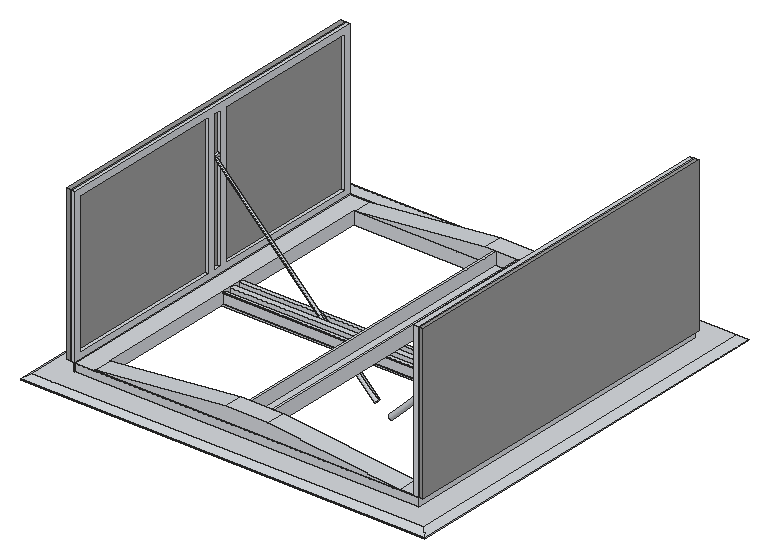
Revit family "NRWG PX2D 100X100 RODA PARAGON BARNEAGROUP (1)", category Windows, host Face, Revit 2017
Family settings
  Host = Face
  Cut with Voids When Loaded = No
  Shared = No
  Room Calculation Point = No
Parameters (values of type "HR5, roda’s PC16 ultra sturdy softlite")
  rotation angle = 45.00°
  cyl-tength [instance] = if(and(Open_angle = 30.00°, Open_angle < 31.00°), 180 mm, if(Open_angle = 45.00°, 245 mm, if(Open_angle = 60.00°, 280 mm, if(Open_angle = 90.00°, 480 mm, sin(Open_angle) * Width / 1.65)))) - 15 mm  # 465 mm
  cyl-length left [instance] = if(and(Open_angle = 30.00°, Open_angle < 31.00°), 180 mm, if(Open_angle = 45.00°, 245 mm, if(Open_angle = 60.00°, 310 mm, if(Open_angle = 90.00°, 490 mm, sin(Open_angle) * Width / 1.65))))  # 490 mm
  Width = 1000 mm
  Weight = "3,0 kg/m²"
  Warranty [instance] = "More than 10 years warranty"
  UV-protection = "UV protected on both sides"
  Type Image = image.JPG
  Translucency = "57%"
  Thickness = "16 mm"
  Thermal insulation = "1,86 W/m²K"
  System / Product = "Ventilation System"
  Supplier Location/ Regional Availability = "Israel"
  Supplier = "The Paragon Barnea Group"
  Style = "-"
  Structure = "16/5X"
  Solar factor = "56%"
  Shading coefficient = "65%"
  Reviews [instance] = 0
  Quantity calculation = 1
  Production width = "2100"
  Product name = "Phoenix"
  Product family = "Windows"
  Product certification = "The systems conform to DIN EN 12101-2 and VdS 2159 (depending on the specification). The EC \r\ndeclaration of conformity is delivered with the product. \r\nMaterialprufungsamt-NRW \r\nISO 9001 \r\nRauch- und Warmeabzugsanlagen- GRW RAL"
  Product Type = "Natural smoke and heat exhaust ventilator"
  Price = 0
  Panel width = Width / 2  # 500 mm
  Packaging [instance] = "Ideal for flat roofs \r\nNatural, energy-saving daylight illumination \r\nEasy installation by providing pre-constructed units \r\nUsable for day-to-day ventilation \r\nIndividual paint colour \r\nMinimal leakage \r\nRecyclable without any noxious parts"
  Openning system = "Pneumatic cylinders and engine"
  Opening System [instance] = Opening system : 24V 1.2A electric motor
  Open_angle [instance] = 90.00°
  Minimal bending radius = "2400 mm"
  Material = "Top frames are made of corrosion resistant aluminium.  \r\nThe unit top flaps can be either manufactured from 16 mm PC-panels or from aluminium sandwich panels"
  Manufacturer location = "Germany \r\nroda.de/en/phoenix-2"
  Length = 1000 mm
  Lenght (list) = ""
  LEED credit categories = ""
  Instruction video = "https://youtu.be/Z3RI_vmp12E"
  Installation = "Easy installation on all types of roof constructions up to an angle of 90°"
  Indoor/Outdoor = "Outdoor"
  Images = 0
  Flap glazing = HR5, roda’s PC16 ultra sturdy softlite
panel
  Fire classification = "B-s2,d0 (EN 13501-1)"
  Diffusion = "100%"
  Description (list) = "Twin-wall panel made from polycarbonate"
  Description = "Natural smoke and heat exhaust ventilation systems are an essential part of safety-systems for \r\npreventive fire precautions. Their task is to provide a smoke-free zone at ground level. \r\nThe PHOENIX system is available in a one and two winged version."
  Default Elevation = 1219.2 mm
  Flange type = 100 mm
  Certificate = "hailstorm protection classification HR5 according\r\nto testing report nº H217VKF of aug 25, 2014"
  Brand = "RODA"
  BIM Designer = "www.bauhub.io"
  Available Size = "Flexible sizes - up to 6.25m2"
  Analytic Construction = "<None>"
Types (3, lengths in mm): name | cyl-tength | cyl-length left | Weight | Warranty | UV-protection | Translucency | Thickness | Thermal insulation | Structure | Solar factor | Shading coefficient | Production width | Open_angle | Minimal bending radius | Lenght (list) | Flap glazing | Diffusion | Description (list) | Certificate | BIM Designer
  HR5, roda’s PC16 ultra sturdy softlite | 465 | 490 | "3,0 kg/m²" | "More than 10 years warranty" | "UV protected on both sides" | "57%" | "16 mm" | "1,86 W/m²K" | "16/5X" | "56%" | "65%" | "2100" | 90.00° | "2400 mm" | "" | HR5, roda’s PC16 ultra sturdy softlite
panel | "100%" | "Twin-wall panel made from polycarbonate" | "hailstorm protection classification HR5 according\r\nto testing report nº H217VKF of aug 25, 2014" | "www.bauhub.io"
  POLYGAL TITAN | 265 | 310 | "2,5 kg/m²" | "10 years Warranty for color and strength" | "U-Factor 2.1" | "Black- High withe- 0%" | "16 mm" | "" | "Unique inner X- brace structure provides extra strength and insulation" | "" | "" | "2100" | 60.00° | "2800 mm" | "6,12" | POLYGAL TITAN | "" | "Titan Sky 16 mm sheets, black colored with high white external layer" | "Contact the supplier" | ""
  Aluminum | 265 | 310 | "" | "More than 10 years warranty" | "UV protected" | "0%" | "80mm" | "0,04 W/m²K" | "" | "" | "" | "As required" | 60.00° | "As required" | "" | Aluminum | "0%" | "Twin wall 18 mm and Rockwool 0.04" | "Contact the supplier" | ""
Reference planes
  plane 1 "Center (Front/Back)": y = 0
  plane 2: z = 0
  plane 3 "Center (Left/Right)": x = 0
  plane 4: x = -500
  plane 5: x = 500
  plane 6: y = 500
  plane 7: y = -500
  plane 8 "left angle plane": x = -563
  plane 9: z = 40
  plane 10 "right angle plane": x = 563
  plane 11 "left cylinder": y = 20
  plane 12 "right cylinder": y = -20
  plane 13: x = 563
  plane 14: x = -563
Forms (mm)
  Extrusion 1, void
    sketch origin (0, 0, 0) x (1, 0, 0) y (0, 1, 0)
      loop
        line (-500, 500) -> (-500, -500) -> (500, -500) -> (500, 500) -> (-500, 500)
    from -304.8 to 0
  Sweep 2, solid
    path in 3D
      loop
        line (-500, 500, 0) -> (500, 500, 0) -> (500, -500, 0) -> (-500, -500, 0) -> (-500, 500, 0)
    profile origin (-500, 0, 0) x (-1, 0, 0) y (0, 0, 1)
      loop
        line (0, 0) -> (63, 0) -> (63, 40) -> (0, 40) -> (0, 0)
  Extrusion 3, solid
    sketch origin (500, -500, 0) x (-1, 0, 0) y (0, 0, 1)
      loop
        line (1000, 40) -> (570, 85.195) -> (430, 85.195) -> (0, 40) -> (1000, 40)
    from 0 to -63
  Extrusion 4, solid
    sketch origin (500, 500, 0) x (-1, 0, 0) y (0, 0, -1)
      loop
        line (1000, -40) -> (0, -40) -> (430, -85.195) -> (570, -85.195) -> (1000, -40)
    from 0 to -63
  Extrusion 5, solid
    sketch origin (0, 0, 0) x (1, 0, 0) y (0, 0, 1)
      loop
        line (40, 85.195) -> (35, 85.195) -> (35, 45) -> (-35, 45) -> (-35, 85.195) -> (-40, 85.195) -> (-40, 40) -> (40, 40) -> (40, 85.195)
    from 500 to -500
  Extrusion 6, solid
    sketch origin (0, 0, 0) x (0, 1, 0) y (0, 0, 1)
      loop
        line (-40, 40) -> (-40, 36) -> (-35, 36) -> (-35, 4) -> (-40, 4) -> (-40, 0) -> (-29.904, 0) -> (-29.904, 40) -> (-40, 40)
      loop
        line (-9.904, 40) -> (-9.904, 0) -> (9.904, 0) -> (9.904, 40) -> (-9.904, 40)
      loop
        line (40, 40) -> (29.904, 40) -> (29.904, 0) -> (40, 0) -> (40, 4) -> (35, 4) -> (35, 36) -> (40, 36) -> (40, 40)
    from 500 to -500
  Sweep 7, solid
    path in 3D
      loop
        line (563, -563, 0) -> (-563, -563, 0) -> (-563, 563, 0) -> (563, 563, 0) -> (563, -563, 0)
    profile origin (563, 0, 0) x (-1, 0, 0) y (0, 0, -1)
      loop
        line (-2, -14.339) -> (-2, -40) -> (0, -40) -> (0, -12.339) -> (-78.602, -12.339) -> (-100, 2.644) -> (-100, 0.202) -> (-79.232, -14.339) -> (-2, -14.339)
  Extrusion 8, solid
    sketch origin (563, -4572, -15.546) x (0, 0, -1) y (0, -1, 0)
      loop
        line (-55.546, -4009) -> (-555.546, -4009) -> (-555.546, -5137) -> (-55.546, -5137) -> (-55.546, -4009)
      loop
        line (-75.546, -4029) -> (-535.546, -4029) -> (-535.546, -4522) -> (-75.546, -4522) -> (-75.546, -4029)
      loop
        line (-535.546, -5117) -> (-75.546, -5117) -> (-75.546, -4602) -> (-535.546, -4602) -> (-535.546, -5117)
      loop
        line (-75.546, -4542) -> (-535.546, -4542) -> (-535.546, -4582) -> (-75.546, -4582) -> (-75.546, -4542)
    from 0 to 15
  Extrusion 9, solid, material "HR5, roda’s PC16 ultra sturdy softlite
panel" <- "Flap glazing"
    sketch origin (563, -4572, -15.546) x (0, 0, -1) y (0, -1, 0)
      loop
        line (-555.546, -4009) -> (-555.546, -5137) -> (-55.546, -5137) -> (-55.546, -4009) -> (-555.546, -4009)
    from 0 to -15
  Extrusion 10, solid
    sketch origin (-563, -4572, -98.73) x (0, 0, -1) y (0, -1, 0)
      loop
        line (-138.73, -5135) -> (-139.182, -4008.846) -> (-639.182, -4009.046) -> (-638.73, -5135.201) -> (-138.73, -5135)
      loop
        line (-158.738, -5115.008) -> (-158.934, -4627) -> (-618.934, -4627) -> (-618.738, -5115.193) -> (-158.738, -5115.008)
      loop
        line (-619.174, -4029.038) -> (-618.962, -4557.096) -> (-158.962, -4557.096) -> (-159.174, -4028.854) -> (-619.174, -4029.038)
      loop
        line (-618.954, -4577.096) -> (-618.942, -4607) -> (-158.942, -4607) -> (-158.954, -4577.096) -> (-618.954, -4577.096)
    from 15 to 0
  Extrusion 11, solid, material "HR5, roda’s PC16 ultra sturdy softlite
panel" <- "Flap glazing"
    sketch origin (-578, -4621.367, -126.683) x (0, 0, -1) y (0, -1, 0)
      loop
        line (-667.135, -4060.11) -> (-666.682, -5186.265) -> (-166.5, -5186.064) -> (-166.953, -4059.909) -> (-667.135, -4060.11)
    from 0 to 15
  Extrusion 12, solid
    sketch origin (-225, 20, 40) x (0, 1, 0) y (-0.707107, 0, -0.707107)
      loop
        circle (0, 0) r 4
    from 490 <- "cyl-length left" to 0
  Sweep 13, solid
    path in 3D
      loop
        line (-225, 20, 40) -> (-38.618, 20, -146.382)
    profile origin (-131.809, 20, -53.191) x (-0.707107, 0, -0.707107) y (0, 1, 0)
      loop
        circle (0, 0) r 7
  Extrusion 14, solid
    sketch origin (224.732, -62.719, 40.268) x (0, -1, 0) y (0.707107, 0, -0.707107)
      loop
        circle (-42.571, 0.358) r 4
    from 465 <- "cyl-tength" to 0
  Sweep 15, solid
    path in 3D
      loop
        line (225, 20, 40) -> (38.618, 20, -146.382)
    profile origin (131.809, -20, -53.191) x (0.707107, 0, -0.707107) y (0, -1, 0)
      loop
        circle (0, 0) r 8
  Revolve 16, solid
    sketch origin (553.537, -62.719, 369.072) x (0, -1, 0) y (0.707107, 0, -0.707107)
      loop
        line (-32.719, 0) -> (-72.719, 0) -> (-72.719, -5) -> (-32.719, -5) -> (-32.719, 0)
      axis (-32.719, 0) -> (-72.719, 0)
    angle from 0 to 360
  Revolve 17, solid
    sketch origin (-571.482, 20, 386.482) x (0, 1, 0) y (-0.707107, 0, -0.707107)
      loop
        line (15, 0) -> (-14.904, 0) -> (-14.904, -5) -> (15, -5) -> (15, 0)
      axis (15, 0) -> (-14.904, 0)
    angle from 0 to 360
Lines and regions (mm)
  sketch lines
    curve 1: line (-500, -500, 0) -> (-500, 500, 0)
    curve 2: line (-500, 500, 0) -> (500, 500, 0)
    curve 3: line (500, 500, 0) -> (500, -500, 0)
    curve 4: line (500, -500, 0) -> (-500, -500, 0)
    curve 5: line (563, 563, 0) -> (563, -563, 0)
    curve 6: line (-563, 563, 0) -> (563, 563, 0)
    curve 7: line (-563, -563, 0) -> (-563, 563, 0)
    curve 8: line (563, -563, 0) -> (-563, -563, 0)
    curve 14: line (-225, 20, 40) -> (-38.618, 20, -146.382)
    curve 18: line (225, 20, 40) -> (38.618, 20, -146.382)
  reference lines
    curve 9: line (-562.229, 20, 40.01) -> (-504.781, 20, 42.445)
    curve 10: line (-500, 20, 40) -> (0, 20, 40)
    curve 11: line (-476.023, 20, 291.023) -> (-225, 20, 40)
    curve 12: line (-225, 20, 40) -> (-38.618, 20, -146.382)
    curve 13: line (-225, 20, 40) -> (-225, 20, 190)
    curve 15: line (476.023, -20, 291.023) -> (225, -20, 40)
    curve 16: line (225, -20, 40) -> (225, -20, 190)
    curve 17: line (225, -20, 40) -> (38.618, -20, -146.382)
Dimensions and locks
  "Width": plane 4 to plane 5
  "Length": plane 7 to plane 6
  equal spacing: plane 7, plane 1 "Center (Front/Back)", plane 6
  equal spacing: plane 4, plane 3 "Center (Left/Right)", plane 5
  locked: plane 9 to plane 2 at 40
  "Flange type": profile plane to Sweep 7 sketch curve
  plane 11 "left cylinder" to plane 1 "Center (Front/Back)" to plane 12 "right cylinder" = 20 mm, 20 mm
  Extrusion 10 sketch curve to Extrusion 10 sketch curve = 500 mm
  "Open_angle": angle plane 9 to plane 8 "left angle plane"
  "Open_angle": angle plane 10 "right angle plane" to plane 9
  "rotation angle": angle curve 11 to plane 9
  "rotation angle": angle curve 12 to plane 9
  "rotation angle": angle plane 9 to curve 15
  aligned and locked: plane 2 to host face
  aligned and locked: level to host face
  aligned and locked: plane 6 to Extrusion 1 sketch curve
  aligned and locked: plane 4 to Extrusion 1 sketch curve
  aligned and locked: Extrusion 1 sketch curve to plane 7
  aligned and locked: Extrusion 1 sketch curve to plane 5
  aligned and locked: Sweep 2 to Extrusion 3
  aligned and locked: plane 6 to Extrusion 4
  aligned and locked: Sweep 2 to Extrusion 4
  aligned and locked: Extrusion 5 to plane 6
  aligned and locked: plane 7 to Extrusion 5
  aligned and locked: Extrusion 3 to Extrusion 5
  aligned and locked: Extrusion 6 to Sweep 2  (x2)
  aligned and locked: curve 10 to plane 9
  aligned and locked: curve 11 to curve 12
  aligned and locked: Extrusion 10 to Revolve 17
  aligned and locked: Revolve 17 to Extrusion 10
Automatic sketch dimensions
  host sketch curve to host sketch curve = 2438.4 mm  (x2)
  Sweep 2 sketch curve to profile plane = 0 mm  (x2)
  Sweep 2 sketch curve to profile plane = 63 mm
  profile plane to Sweep 2 sketch curve = 40 mm
  Sweep 2 to Extrusion 3 sketch curve = 0 mm  (x2)
  Extrusion 3 sketch curve to Sweep 2 = 0 mm
  Sweep 2 to Extrusion 3 sketch curve = 45.195 mm
  Sweep 2 to Extrusion 3 sketch curve = 430 mm
  Extrusion 3 sketch curve to Extrusion 3 sketch curve = 140 mm
  Extrusion 4 sketch curve to plane 5 = 0 mm
  Extrusion 4 sketch curve to plane 4 = 0 mm
  Extrusion 4 sketch curve to plane 9 = 0 mm
  plane 3 "Center (Left/Right)" to Extrusion 4 sketch curve = 70 mm
  Extrusion 4 sketch curve to plane 3 "Center (Left/Right)" = 70 mm
  plane 9 to Extrusion 4 sketch curve = 45.195 mm
  Extrusion 5 sketch curve to plane 9 = 0 mm
  Extrusion 5 sketch curve to plane 3 "Center (Left/Right)" = 40 mm
  Extrusion 5 sketch curve to Extrusion 5 sketch curve = 5 mm  (x2)
  plane 9 to Extrusion 5 sketch curve = 5 mm
  plane 3 "Center (Left/Right)" to Extrusion 5 sketch curve = 35 mm
  Extrusion 5 sketch curve to Extrusion 5 sketch curve = 40.195 mm  (x2)
  Extrusion 6 sketch curve to plane 9 = 0 mm  (x3)
  Extrusion 6 sketch curve to level = 0 mm  (x3)
  plane 12 "right cylinder" to Extrusion 6 sketch curve = 20 mm  (x2)
  Extrusion 6 sketch curve to Extrusion 6 sketch curve = 5 mm  (x3)
  Extrusion 6 sketch curve to Extrusion 6 sketch curve = 5.096 mm  (x2)
  plane 1 "Center (Front/Back)" to Extrusion 6 sketch curve = 9.904 mm
  Extrusion 6 sketch curve to plane 1 "Center (Front/Back)" = 9.904 mm
  plane 11 "left cylinder" to Extrusion 6 sketch curve = 9.904 mm
  Extrusion 6 sketch curve to Extrusion 6 sketch curve = 4 mm  (x2)
  Extrusion 6 sketch curve to plane 9 = 4 mm  (x2)
  plane 7 to Extrusion 8 sketch curve = 63 mm
  Extrusion 8 sketch curve to Extrusion 8 sketch curve = 20 mm  (x4)
  plane 7 to Extrusion 8 sketch curve = 43 mm
  Extrusion 8 sketch curve to Extrusion 8 sketch curve = 460 mm
  Extrusion 8 sketch curve to plane 6 = 45 mm
  plane 12 "right cylinder" to Extrusion 8 sketch curve = 10 mm
  Extrusion 8 sketch curve to Extrusion 8 sketch curve = 0 mm  (x4)
  Extrusion 8 sketch curve to plane 1 "Center (Front/Back)" = 10 mm
  Extrusion 8 sketch curve to plane 1 "Center (Front/Back)" = 30 mm
  plane 7 to Extrusion 9 sketch curve = 63 mm
  Extrusion 9 sketch curve to Extrusion 9 sketch curve = 500 mm
  Extrusion 9 sketch curve to plane 6 = 65 mm
  plane 7 to Extrusion 10 sketch curve = 62.954 mm
  Extrusion 10 sketch curve to plane 6 = 63.201 mm
  plane 7 to Extrusion 10 sketch curve = 42.962 mm
  Extrusion 10 sketch curve to Extrusion 10 sketch curve = 20.008 mm
  Extrusion 10 sketch curve to plane 6 = 43.193 mm
  Extrusion 10 sketch curve to Extrusion 10 sketch curve = 19.992 mm
  plane 7 to Extrusion 10 sketch curve = 43.146 mm
  plane 11 "left cylinder" to Extrusion 10 sketch curve = 35 mm
  Extrusion 10 sketch curve to Extrusion 10 sketch curve = 0.02 mm
  Extrusion 10 sketch curve to Extrusion 10 sketch curve = 0.008 mm  (x3)
  Extrusion 10 sketch curve to Extrusion 10 sketch curve = 0.012 mm  (x2)
  Extrusion 10 sketch curve to plane 12 "right cylinder" = 5.096 mm
  plane 11 "left cylinder" to Extrusion 10 sketch curve = 15 mm
  Extrusion 10 sketch curve to plane 1 "Center (Front/Back)" = 5.096 mm
  Extrusion 10 sketch curve to Extrusion 10 sketch curve = 19.556 mm
  Extrusion 10 sketch curve to Extrusion 10 sketch curve = 0.212 mm
  Extrusion 10 to Extrusion 11 sketch curve = 546.353 mm
  Extrusion 11 sketch curve to Extrusion 10 = 18.303 mm
  Extrusion 10 to Extrusion 11 sketch curve = 509.898 mm
  Extrusion 11 sketch curve to Extrusion 11 sketch curve = 0.452 mm
  Extrusion 10 to Extrusion 11 sketch curve = 546.554 mm
  Extrusion 12 sketch curve to plane 11 "left cylinder" = 0 mm
  Sweep 13 sketch curve to profile plane = 0 mm
  profile plane to Sweep 13 sketch curve = 0 mm
  plane 11 "left cylinder" to Extrusion 14 sketch curve = 40.148 mm
  Revolve 16 sketch curve to Revolve 16 sketch curve = 5 mm
  Revolve 16 sketch curve to Revolve 16 sketch curve = 19.904 mm
  Revolve 16 sketch curve to Revolve 16 sketch curve = 59.904 mm
  Revolve 16 sketch curve to Revolve 16 sketch curve = 3.281 mm
  Revolve 16 sketch curve to Revolve 16 sketch curve = 0 mm
  Sweep 15 sketch curve to profile plane = 0 mm
  Sweep 15 sketch curve to profile plane = 40 mm
  Revolve 17 sketch curve to Revolve 17 sketch curve = 5 mm
  Revolve 17 sketch curve to Revolve 17 sketch curve = 10.904 mm
  Revolve 17 sketch curve to Revolve 17 sketch curve = 8 mm
  Revolve 17 sketch curve to Revolve 17 sketch curve = 11 mm
  Revolve 17 sketch curve to Revolve 17 sketch curve = 0 mm
  Sweep 7 sketch curve to profile plane = 0 mm
  Sweep 7 sketch curve to Sweep 7 sketch curve = 20.768 mm
  Sweep 7 sketch curve to Sweep 7 sketch curve = 0.631 mm
  profile plane to Sweep 7 sketch curve = 2 mm
  Sweep 7 sketch curve to profile plane = 40 mm
  Sweep 7 sketch curve to profile plane = 14.339 mm
  Sweep 7 sketch curve to Sweep 7 sketch curve = 2 mm
  profile plane to Sweep 7 sketch curve = 0.202 mm
  Sweep 7 sketch curve to Sweep 7 sketch curve = 2.442 mm
  curve 10 to plane 3 "Center (Left/Right)" = 0 mm
  curve 10 to plane 4 = 0 mm
  curve 10 to curve 13 = 225 mm
  curve 9 to plane 4 = 4.781 mm
  plane 9 to curve 9 = 0.01 mm
  curve 9 to plane 8 "left angle plane" = 0.771 mm
  plane 9 to curve 9 = 2.445 mm
  curve 11 to curve 13 = 150 mm
  curve 16 to plane 9 = 0 mm
  plane 3 "Center (Left/Right)" to curve 16 = 225 mm
  plane 3 "Center (Left/Right)" to curve 17 = 38.618 mm
  curve 17 to level = 146.382 mm
  plane 9 to curve 16 = 150 mm
  radius of Extrusion 12 sketch curve = 4 mm
  radius of Sweep 13 sketch curve = 7 mm
  radius of Extrusion 14 sketch curve = 4 mm
  radius of Sweep 15 sketch curve = 8 mm
